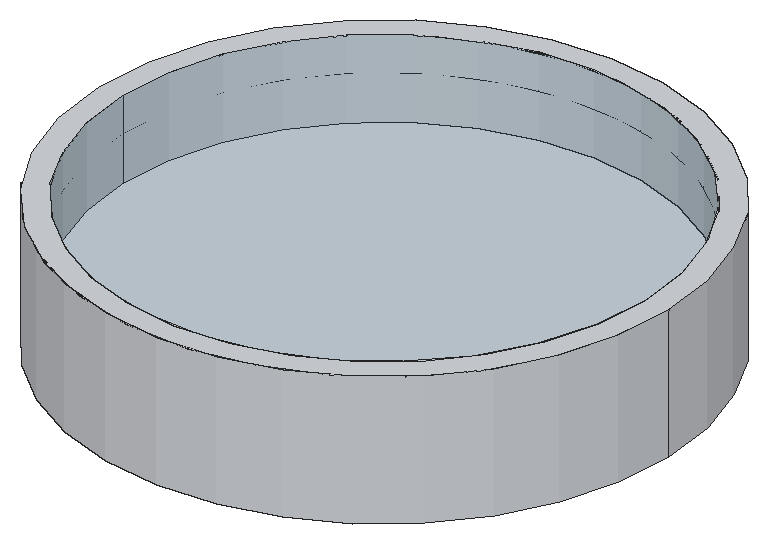
Revit family "Lighting-Terziario-GEWISS-ELIA-EL-LED_PLAFONIERE_PARETE", category Apparecchi per illuminazione, host Superficie, Revit 2019
Family settings
  Host = Superficie
  Quota connettore circolare = Usa diametro
  Tipo di parte = Normale
  Taglio con vuoti quando caricato = No
  Sorgente d'illuminazione = Sì
  Condiviso = No
  Punto di calcolo locali = Sì
Parameters (values of type "GWF2210LA830 - ELIA EL ST AL ON/OFF 3000K WHITE")
  larghezza lampada = Lugnezza massima - 24 mm  # 50 mm
  Wattage = 9.2903 W
  Viti esterne = "-"
  Visibilità etichetta [instance] = yes
  Visibilità simbolo [instance] = yes
  Visibilità lampada in pianta [instance] = yes
  Versioni = "Standard Bianco"
  Versione file RFA = "21.4"
  Variazione temperatura colore lampada con luminosità attenuata = (empty or 0)
  Vano di alimentazione = "Integrato"
  URL = "https://www.gewiss.com/it/it"
  Tolleranza cromatica = "SDCM = 5"
  Tipologia sorgente luminosa = "LED - Non sostituibile"
  Tipo di installazione e montaggio = "Parete e soffitto"
  Tipo di apparecchio = "Apparecchio a LED per illuminazione diffusa"
  Temperatura di stoccaggio = "-20° +65°"
  Temperatura di esercizio = "-20°C - +50°C"
  built-in parameter 1150107 = 3200 (stored number, unit not read)
  Superficie massima esposta al vento : = "-"
  Spostamento_x_effettivo [instance] = 4000 mm - Spostamento_x  # 4000 mm
  Spostamento_x [instance] = 0 mm
  Spostamento_y_effettivo [instance] = 4000 mm - Spostamento_y  # 4000 mm
  Spostamento_y [instance] = 0 mm
  SostituibilitÃ  piastra di cablaggio = "Non disponibile"
  SostituibilitÃ  gruppo ottico = "Non disponibile"
  Sistema di controllo = "Stand alone"
  Schermo = "Policarbonato"
  Scheda Tecnica = "https://www.gewiss.com/it/it/search?q=GWF2210LA830"
  SEO = "Plafoniera"
  Resistenza al filo incandescente = "750 °C"
  Resistenza agli urti = "IK08"
  Rendi la forma visibile nel rendering = no
  ROTAZIONE [instance] = 45
  Potenza assorbita : = ""
  built-in parameter 1150110 = 1 (stored number, unit not read)
  built-in parameter 1150109 = 1 (stored number, unit not read)
  built-in parameter 1114218 = 1 (stored number, unit not read)
  built-in parameter 1150112 = 1 (stored number, unit not read)
  POSIZIONE = 80000  # constant formula
  Ottica = "Opale diffondente"
  Norma di riferimento = "-"
  built-in parameter 1150142 = (empty or 0)
  built-in parameter 1150137 = (empty or 0)
  built-in parameter 1150132 = (empty or 0)
  Materiali = "-"
  Lugnezza massima = 74 mm
  built-in parameter 1150105 = 109.82 (stored number, unit not read)
  built-in parameter 1150102 = (empty or 0)
  Installazione e manutenzione = "-"
  Informazioni generali = "-"
  Indice di resa cromatica = "CRI>80"
  Inclinazione = "-"
  built-in parameter 1150106 = 1.0982 (stored number, unit not read)
  Default Elevation = 1219.2 mm
  Produttore = "GEWISS S.p.A."
  Nome quadro [instance] = "330W"
  Modello = "GWF2210LA830"
  Immagine tipo = EliaEL.jpg
  IPEA = "-"
  IDT = "f04db626-c8ae-45e8-9758-cb7993f1b724"
  IDF = "fa1b2b4f-bc62-42e6-909b-eba56c0c9e9b"
  Guarnizioni = "-"
  Gruppo ottico = "-"
  Grado di protezione = "IP65"
  Garanzia = "5 anni"
  Gancio di chiusura = "-"
  Frequenza nominale (Hz) = "50/60 Hz"
  Flusso luminoso apparecchio (lm) = ""
  Lumens = 1380 lm
  Fissaggio = "Supporto in acciaio INOX"
  Finitura colore = "-"
  Color Filter = 16777215
  File diagramma fotometrico = "generic"
  built-in parameter 1114217 = 1 (stored number, unit not read)
  built-in parameter 1150139 = (empty or 0)
  Failure rate alimentatore = "F025 = 50.000h Tq 25°C"
  Emetti da diametro cerchio = 220 mm
  built-in parameter 1150104 = 13.8 (stored number, unit not read)
  Durata di vita = "L80B50 (Tq25°C) = 50.000h"
  Distanza dal host [instance] = 0 mm
  Dispositivo di protezione = "DM 0,5KV / CM 1KV"
  built-in parameter 1150115 = 1 (stored number, unit not read)
  built-in parameter 1150114 = 1 (stored number, unit not read)
  built-in parameter 1150113 = 1 (stored number, unit not read)
  Descrizione = "ELIA EL ST AL ON/OFF 3000K WHITE"
  Creato da GEWISS S.p.A. = ""
  Corpo = "Alluminio pressofuso"
  Controllo abbagliamento e luminanza = "UGR < 25"
  Contesto = "Illuminazione a muro / soffitto"
  built-in parameter 1150134 = 3
  built-in parameter 1150138 = (empty or 0)
  Colore = "Bianco"
  Codice digitale univoco (Datamatrix) = "Attualmente non presente"
  Codice Electrocod = "2419"
  Codice EAN = "8034035077517"
  Classificazione: = "-"
  Classe isolamento = "I"
  Classe fotobiologica = "RG0"
  Certificazioni e classificazioni = "-"
  Certificazione DIN 18032-3 = "-"
  Catalogo = "LIGHTING"
  Caratteristiche ottiche e illuminotecniche = "-"
  Caratteristiche elettriche e gestione della luce = "-"
  Cablaggio = "Con morsetto"
  COBie.Tagnumber = ""
  COBie.CreatedOn = ""
  COBie.CreatebBy = ""
  COBie.ComponentRegisterItemID = ""
  COBie.Component.TagNumber = ""
  COBie.Component.Space = ""
  COBie.Component.SerialNumber = ""
  COBie.Component.InstallationDate = ""
  COBie.Component.Description = ""
  COBie.Component.BarCode = ""
  Applicazione = "Interno / Esterno"
  Apparecchio a ridotta temperatura superficiale = "-"
  Angolo inclinazione = 90.00°
  Alimentatore = "Incluso"
  built-in parameter 1150133 = 10 (stored number, unit not read)
Types (12, lengths in mm): name | Versioni | Sistema di controllo | Scheda Tecnica | Potenza assorbita : | Modello | IDT | Garanzia | Flusso luminoso apparecchio (lm) | Descrizione | Colore | Codice EAN | Applicazione
  GWF2204LA830 - ELIA EL EMERGENCY 3000K BLACK | "Emergenza Nero" | "Emergenza" | "https://www.gewiss.com/it/it/search?q=GWF2204LA830" | "18 W" | "GWF2204LA830" | "16e415a7-f5be-4ade-a9c0-93833e91667d" | "3 anni" | "1500 (440 Em.)" | "ELIA EL EMERGENCY 3000K BLACK" | "Nero" | "8034035077425" | "Interno / Esterno"
  GWF2204LA840 - ELIA EL EMERGENCY 4000K BLACK | "Emergenza Nero" | "Emergenza" | "https://www.gewiss.com/it/it/search?q=GWF2204LA840" | "18 W" | "GWF2204LA840" | "3ae2989d-5f3a-4116-aa82-b00f533ed723" | "3 anni" | "1650 (440 Em.)" | "ELIA EL EMERGENCY 4000K BLACK" | "Nero" | "8034035077432" | "Interno / Esterno"
  GWF2204LA857 - ELIA EL EMERGENCY 5700K BLACK | "Emergenza Nero" | "Emergenza" | "https://www.gewiss.com/it/it/search?q=GWF2204LA857" | "18 W" | "GWF2204LA857" | "32d3cc87-daf1-4c0b-ba10-01ea4854d5cc" | "3 anni" | "1700 (440 Em.)" | "ELIA EL EMERGENCY 5700K BLACK" | "Nero" | "8034035077449" | "Interno / Esterno"
  GWF2200LA830 - ELIA EL ST AL ON/OFF 3000K BLACK | "Standard Nero" | "Stand alone" | "https://www.gewiss.com/it/it/search?q=GWF2200LA830" | "" | "GWF2200LA830" | "6be6ee53-5e7b-46e8-8f75-83e10415d25d" | "5 anni" | "" | "ELIA EL ST AL ON/OFF 3000K BLACK" | "Nero" | "8034035077456" | "Esterno"
  GWF2200LA840 - ELIA EL ST AL ON/OFF 4000K BLACK | "Standard Nero" | "Stand alone" | "https://www.gewiss.com/it/it/search?q=GWF2200LA840" | "" | "GWF2200LA840" | "ad74650b-5adc-4951-bcd6-07d5202e4cf3" | "5 anni" | "" | "ELIA EL ST AL ON/OFF 4000K BLACK" | "Nero" | "8034035077463" | "Interno / Esterno"
  GWF2200LA857 - ELIA EL ST AL ON/OFF 5700K BLACK | "Standard Nero" | "Stand alone" | "https://www.gewiss.com/it/it/search?q=GWF2200LA857" | "" | "GWF2200LA857" | "f3dbb43b-bcc0-44b1-8e78-4246b4d6141a" | "5 anni" | "" | "ELIA EL ST AL ON/OFF 5700K BLACK" | "Nero" | "8034035077470" | "Interno / Esterno"
  GWF2214LA830 - ELIA EL EMERGENCY 3000K WHITE | "Emergenza Bianco" | "Emergenza" | "https://www.gewiss.com/it/it/search?q=GWF2214LA830" | "18 W" | "GWF2214LA830" | "3f7ee097-3024-41df-900a-b25f17a2415b" | "3 anni" | "1500 (440 Em.)" | "ELIA EL EMERGENCY 3000K WHITE" | "Bianco" | "8034035077487" | "Interno / Esterno"
  GWF2214LA840 - ELIA EL EMERGENCY 4000K WHITE | "Emergenza Bianco" | "Emergenza" | "https://www.gewiss.com/it/it/search?q=GWF2214LA840" | "18 W" | "GWF2214LA840" | "904ad71e-e512-4f91-ad52-f5719fd92993" | "3 anni" | "1650 (440 Em.)" | "ELIA EL EMERGENCY 4000K WHITE" | "Bianco" | "8034035077494" | "Interno / Esterno"
  GWF2214LA857 - ELIA EL EMERGENCY 5700K WHITE | "Emergenza Bianco" | "Emergenza" | "https://www.gewiss.com/it/it/search?q=GWF2214LA857" | "18 W" | "GWF2214LA857" | "975f0128-f955-4e6d-8143-72dbaecd7f6f" | "3 anni" | "1700 (440 Em.)" | "ELIA EL EMERGENCY 5700K WHITE" | "Bianco" | "8034035077500" | "Interno / Esterno"
  GWF2210LA830 - ELIA EL ST AL ON/OFF 3000K WHITE | "Standard Bianco" | "Stand alone" | "https://www.gewiss.com/it/it/search?q=GWF2210LA830" | "" | "GWF2210LA830" | "f04db626-c8ae-45e8-9758-cb7993f1b724" | "5 anni" | "" | "ELIA EL ST AL ON/OFF 3000K WHITE" | "Bianco" | "8034035077517" | "Interno / Esterno"
  GWF2210LA840 - ELIA EL ST AL ON/OFF 4000K WHITE | "Standard Bianco" | "Stand alone" | "https://www.gewiss.com/it/it/search?q=GWF2210LA840" | "" | "GWF2210LA840" | "3f446260-34e3-4b85-badc-e8fffc03c345" | "5 anni" | "" | "ELIA EL ST AL ON/OFF 4000K WHITE" | "Bianco" | "8034035077524" | "Interno / Esterno"
  GWF2210LA857 - ELIA EL ST AL ON/OFF 5700K WHITE | "Standard Bianco" | "Stand alone" | "https://www.gewiss.com/it/it/search?q=GWF2210LA857" | "" | "GWF2210LA857" | "090c35b8-e135-40e2-afd5-92131ca0aa34" | "5 anni" | "" | "ELIA EL ST AL ON/OFF 5700K WHITE" | "Bianco" | "8034035077531" | "Interno / Esterno"
Reference planes
  plane 1 "Centro (Fronte/Retro)": y = 0
  plane 2: z = 0
  plane 3 "Centro (Sinistra/Destra)": x = 0
  plane 4: x = -4000
  plane 5: x = 0
  plane 6: x = 0
  plane 7: y = -4000
  plane 8: y = 0
  plane 9: y = -410.182
  plane 10: y = 410.182
  plane 11 "a": through (0, -290.182, 34.975) normal (0, -0.7071, 0.7071)
  plane 12: through (-235.047, -128.222, 1219.2) normal (-0.9563, 0.2924, 0)
  plane 13: through (-40, -89.462, 1219.2) normal (0.1564, 0.9877, 0)
  plane 14: through (239.503, 190.64, 1219.2) normal (0.9563, -0.2924, 0)
Dimensions and locks
  plane 4 to plane 3 "Centro (Sinistra/Destra)" = 4000 mm  (x2)
  "Spostamento_x_effettivo": plane 4 to plane 5
  "Spostamento_x_effettivo": plane 6 to plane 4
  "Spostamento_y_effettivo": plane 8 to plane 7
  plane 1 "Centro (Fronte/Retro)" to plane 7 = 4000 mm
  equal spacing: plane 10, plane 1 "Centro (Fronte/Retro)", plane 9
  plane 10 to plane 9 = 820.364 mm
  angle plane 13 to plane 14 = 82.00°  (x2)
  angle plane 12 to plane 13 = 98.00°
  aligned and locked: plane 2 to host face
  aligned and locked: level to host face
  aligned and locked: plane 6 to nested 1
  aligned and locked: nested 1 to plane 8
  aligned and locked: plane 3 "Centro (Sinistra/Destra)" to imposter light
  aligned and locked: plane 6 to imposter light
  aligned and locked: plane 1 "Centro (Fronte/Retro)" to nested 2
  aligned and locked: imposter light to nested 2
  aligned and locked: imposter light to plane 1 "Centro (Fronte/Retro)"
  aligned and locked: nested 2 to imposter light
Automatic sketch dimensions
  host sketch curve to host sketch curve = 2438.4 mm  (x2)
Nested families
  nested 1: "Etichetta light" at (0, 0, 0), visible <- "Visibilità etichetta", type "Etichetta light"
  nested 2: "ELIA EL_base" at (0, 0, 21.153), type "ELIA EL_base"
Definition of nested family "ELIA EL_base"
  Parameters (values of type "ELIA EL_base")
    Led = none
    sp_lampada = 58 mm
    diametro = 250 mm
    d2 = diametro - 20 mm  # 230 mm
    Finitura struttura = none
  Reference planes
    plane 1 "Centro (Fronte/Retro)": y = 0
    plane 2: z = 0
    plane 3 "Centro (Sinistra/Destra)": x = 0
    plane 4: z = 58
    plane 5: z = 23.542
    plane 6: z = 43
  Forms (mm)
    Extrusion 1, solid
      sketch origin (0, 0, 0) x (1, 0, 0) y (0, 1, 0)
        loop
          circle (0, 0) r 125
        loop
          circle (0, 0) r 115
      from 0 to 58
    Extrusion 2, solid
      sketch origin (0, 0, 0) x (1, 0, 0) y (0, 1, 0)
        loop
          circle (0, 0) r 115
      from 0 to 23.542
    Extrusion 3, solid, material <- "Led"
      sketch origin (0, 0, 0) x (1, 0, 0) y (0, 1, 0)
        loop
          circle (0, 0) r 115
      from 43 to 58
  Dimensions and locks
    "sp_lampada": plane 4 to plane 2
    locked: plane 4 to plane 5 at 34.458
    locked: plane 4 to plane 6 at 15
    "diametro": diameter of Extrusion 1 sketch curve
    "d2": diameter of Extrusion 1 sketch curve
    "diametro": diameter of Extrusion 1
    "d2": diameter of Extrusion 2 sketch curve
    "d2": diameter of Extrusion 3 sketch curve
    aligned and locked: level to plane 2
    aligned and locked: plane 3 "Centro (Sinistra/Destra)" to Extrusion 1 sketch curve  (x2)
    aligned and locked: plane 1 "Centro (Fronte/Retro)" to Extrusion 1 sketch curve  (x2)
    aligned and locked: plane 4 to Extrusion 1
    aligned and locked: Extrusion 1 to level
    aligned and locked: plane 5 to Extrusion 2
    aligned and locked: plane 3 "Centro (Sinistra/Destra)" to Extrusion 3 sketch curve
    aligned and locked: plane 1 "Centro (Fronte/Retro)" to Extrusion 3 sketch curve
    aligned and locked: Extrusion 3 to plane 6
    aligned and locked: plane 4 to Extrusion 3
  Automatic sketch dimensions
    plane 1 "Centro (Fronte/Retro)" to Extrusion 2 sketch curve = 0 mm
    Extrusion 2 sketch curve to plane 3 "Centro (Sinistra/Destra)" = 0 mm
Definition of nested family "Etichetta light"
  Parameters (values of type "ETICHETTA LIGHT")
    COMMENTI = "330W"
  Reference planes
    plane 1: y = 0
    plane 2: x = 0
  Text (mm)
    label "COMMENTI" at (-0.057, 0.105, 0), shows "COMMENTI"
